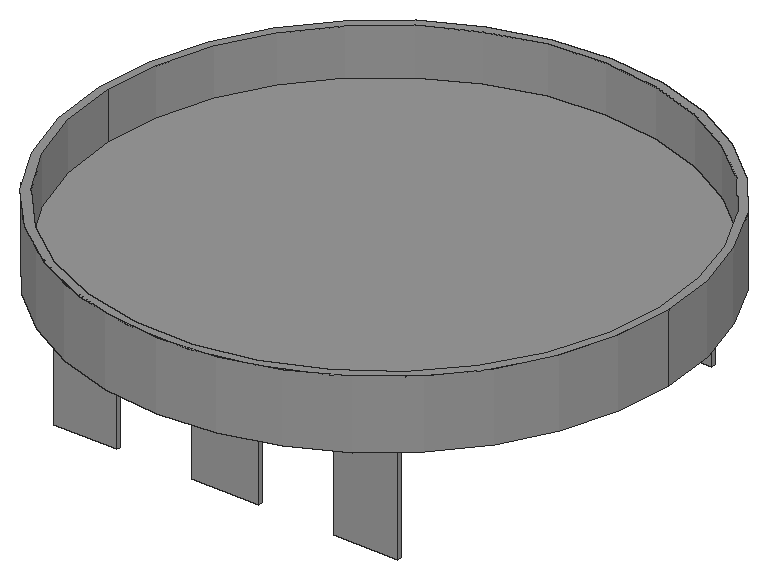
Revit family "Nivellierbare Kassette für Revisionsöffnung, RKRNUZD3, 20-25, 9", category Generic Models, Revit 2015
Parameters (values of type "RKRN2UZD3R9MS25")
  URL = "http://www.obo-bettermann.com"
  Material = Brass, Soft Yellow, Welded
  Manufacturer Art.No. = "7409154"
  Manufacturer = "OBO Bettermann"
  Height 1 = 36.5 mm
  Height = 94 mm
  GTIN = "4012195868675"
  Diameter 1 = 295.6 mm
  Diameter = 304 mm
  Cut depth = 25 mm
  Article Type = "RKRN2UZD3R9MS25"
Types (5, lengths in mm): name | Material | Manufacturer Art.No. | GTIN | Cut depth | Article Type
  (no name) | Brass, Soft Yellow, Welded | "7409154" | "4012195868675" | 25 | "RKRN2UZD3R9MS25"
  RKRN2UZD3R9VS20 | Stainless Steel, Polished | "7409158" | "4012195868729" | 20 | "RKRN2UZD3R9VS20"
  RKRN2UZD3R9VS25 | Stainless Steel | "7409160" | "4012195868743" | 25 | "RKRN2UZD3R9VS25"
  RKRN2UZD3R9MS20 | Brass, Soft Yellow, Welded | "7409152" | "4012195868668" | 20 | "RKRN2UZD3R9MS20"
  RKRN2UZD3R9MS25 | Brass, Soft Yellow, Welded | "7409154" | "4012195868675" | 25 | "RKRN2UZD3R9MS25"
Reference planes
  plane 1 "Center (Front/Back)": y = 0
  plane 2: z = 0
  plane 3 "Center (Left/Right)": x = 0
  plane 4: z = 57.5
  plane 5: y = 99.5
  plane 6: y = -99.5
  plane 7: z = 94
  plane 8: z = 69
Forms (mm)
  Extrusion 1, solid, material "Brass, Soft Yellow, Welded" <- "Material"
    sketch origin (0, 0, 0) x (1, 0, 0) y (0, 1, 0)
      loop
        line (-92, 106) -> (-92, 104) -> (-58, 104) -> (-58, 106) -> (-92, 106)
      loop
        line (-18, 106) -> (-18, 104) -> (18, 104) -> (18, 106) -> (-18, 106)
      loop
        line (58, 106) -> (58, 104) -> (92, 104) -> (92, 106) -> (58, 106)
      loop
        line (-92, -104) -> (-92, -106) -> (-58, -106) -> (-58, -104) -> (-92, -104)
      loop
        line (-18, -104) -> (-18, -106) -> (18, -106) -> (18, -104) -> (-18, -104)
      loop
        line (58, -104) -> (58, -106) -> (92, -106) -> (92, -104) -> (58, -104)
    from 0 to 57.5
  Extrusion 2, solid, material "Brass, Soft Yellow, Welded" <- "Material"
    sketch origin (0, 0, 0) x (1, 0, 0) y (0, 1, 0)
      loop
        circle (0, 0) r 152
    from 57.5 to 94
  Extrusion 3, void
    sketch origin (0, 0, 0) x (1, 0, 0) y (0, 1, 0)
      loop
        circle (0, 0) r 147.8
    from 69 to 94
Cuts and joins
  Extrusion 3 cuts Extrusion 1
  Extrusion 3 cuts Extrusion 2
Dimensions and locks
  "Height 1": plane 7 to plane 4
  "Cut depth": plane 7 to plane 8
  locked: plane 5 to plane 6 at 199
  equal spacing: plane 5, plane 1 "Center (Front/Back)", plane 6, locked at 99.5 each
  locked: Extrusion 1 sketch curve to Extrusion 1 sketch curve at 2  (x2)
  locked: Extrusion 1 sketch curve to plane 1 "Center (Front/Back)" at 104  (x2)
  locked: Extrusion 1 sketch curve to Extrusion 1 sketch curve at 34  (x4)
  locked: Extrusion 1 sketch curve to Extrusion 1 sketch curve at 116  (x2)
  equal spacing: Extrusion 1 sketch curve, plane 3 "Center (Left/Right)", Extrusion 1 sketch curve, locked at 58 each  (x2)
  locked: Extrusion 1 sketch curve to Extrusion 1 sketch curve at 36  (x2)
  equal spacing: Extrusion 1 sketch curve, plane 3 "Center (Left/Right)", Extrusion 1 sketch curve, locked at 18 each  (x2)
  "Height": plane 7 to level
  "Diameter": diameter of Extrusion 2 sketch curve
  "Diameter 1": diameter of Extrusion 3 sketch curve
  aligned and locked: level to plane 2
  aligned and locked: plane 7 to Extrusion 2
  aligned and locked: cut or joined group of Extrusion 2, Extrusion 3 to Extrusion 3
  aligned and locked: Extrusion 3 to plane 8
  aligned and locked: Extrusion 1 sketch curve to Extrusion 1 sketch curve  (x8)
  aligned and locked: Extrusion 1 to level
  aligned and locked: plane 4 to Extrusion 1
  aligned and locked: Extrusion 2 to plane 4
  aligned and locked: Extrusion 3 to cut or joined group of Extrusion 2, Extrusion 3
Automatic sketch dimensions
  plane 1 "Center (Front/Back)" to Extrusion 3 sketch curve = 0 mm
  Extrusion 3 sketch curve to plane 3 "Center (Left/Right)" = 0 mm
  plane 1 "Center (Front/Back)" to Extrusion 2 sketch curve = 0 mm
  Extrusion 2 sketch curve to plane 3 "Center (Left/Right)" = 0 mm
